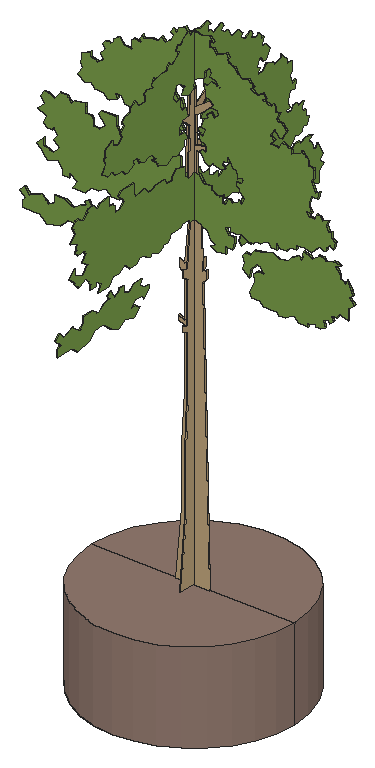
Revit family "L-PL특수목_소나무_3", category 수목, Revit 2019
Family settings
  OmniClass 번호 = 23.40.05.00
  OmniClass 제목 = Plants and Planting Products
  작업 기준면 기반 = 아니오
  항상 수직 = 예
  로드될 때 보이드를 사용하여 절단 = 아니오
  렌더 모양 소스 = 패밀리 형상
  공유 = 아니오
Parameters
  콘 높이 = 뿌리분 직경 / 4  # 272.5 mm
  뿌리분 직경 = (24 mm + ((R / 10) - 3 mm) * 5) * 10  # 1090 mm
  뿌리분 높이 = 뿌리분 직경 / 2  # 545 mm
  높이 = 4500 mm
  R = 200 mm
  H = 높이  # 4500 mm
Reference planes
  plane 1 "중심(앞/뒤)": y = 0
  plane 2: z = 0
  plane 3 "중심(왼쪽/오른쪽)": x = 0
  plane 4: x = 482.5
  plane 5: x = -607.5
  plane 6: z = -545
  plane 7: z = -817.5
  plane 8: z = 4500
  plane 9: x = -100
  plane 10: x = 100
Forms (mm)
  Revolve 1, solid, material "흙"
    sketch origin (0, 0, 0) x (1, 0, 0) y (0, 0, 1)
      loop
        line (0, 0) -> (-607.5, 0) -> (-607.5, -545) -> (0, -545) -> (0, 0)
      axis (0, 0) -> (0, -545)
    angle from 0 to 360
  Revolve 2, solid, material "흙"
    sketch origin (0, 0, 0) x (1, 0, 0) y (0, 0, 1)
      loop
        line (0, -545) -> (-607.5, -545) -> (0, -817.5) -> (0, -545)
      axis (0, -545) -> (0, -817.5)
    angle from 0 to 360
Dimensions and locks
  "뿌리분 직경": plane 4 to plane 5
  "뿌리분 높이": plane 6 to level
  "콘 높이": plane 7 to plane 6
  "H": level to plane 8
  "R": plane 9 to plane 10
  aligned and locked: level to plane 2
Automatic sketch dimensions
  Revolve 1 sketch curve to level = 0 mm  (x2)
  Revolve 1 sketch curve to plane 5 = 0 mm
  Revolve 1 sketch curve to plane 3 "중심(왼쪽/오른쪽)" = 0 mm  (x2)
  Revolve 1 sketch curve to plane 6 = 0 mm  (x2)
  Revolve 2 sketch curve to plane 5 = 0 mm
  Revolve 2 sketch curve to plane 3 "중심(왼쪽/오른쪽)" = 0 mm  (x2)
  Revolve 2 sketch curve to plane 7 = 0 mm  (x2)
  Revolve 2 sketch curve to plane 6 = 0 mm  (x2)
Nested families
  nested 1: "소나무3_base" at (0, 0, 0), type "소나무3_base"
Definition of nested family "소나무3_base"
  Parameters (values of type "소나무3_base")
    Height = 6000 mm
  Reference planes
    plane 1 "중심(앞/뒤)": y = 0
    plane 2: z = 0
    plane 3 "중심(왼쪽/오른쪽)": x = 0
  Forms (mm)
    Extrusion 1, solid
      sketch origin (1283.129, 0, -464.362) x (1, 0, 0) y (0, 0, 1)
        loop
          line (-1848.52, 2795.869) -> (-1828.432, 2775.765) -> (-1801.98, 2749.293) -> (-1839.141, 2719.508) -> (-1878.115, 2719.508) -> (-1878.115, 2758.452) -> (-1890.616, 2771.678) -> (-1922.972, 2771.678) -> (-1922.972, 2810.621) -> (-1922.972, 2827.521) -> (-1989.89, 2815.03) -> (-2009.009, 2796.661) -> (-2039.393, 2828.285) -> (-2077.397, 2828.285) -> (-2092.104, 2806.947) -> (-2109.912, 2781.112) -> (-2148.727, 2804.008) -> (-2171.523, 2804.008) -> (-2192.113, 2770.943) -> (-2170.788, 2737.878) -> (-2211.968, 2698.2) -> (-2156.816, 2677.626) -> (-2174.105, 2631.279) -> (-2155.345, 2613.7) -> (-2125.196, 2613.7) -> (-2114.165, 2626.926) -> (-2095.046, 2588.717) -> (-2119.313, 2557.856) -> (-2083.058, 2529.349) -> (-2114.12, 2489.847) -> (-2175.935, 2512.3) -> (-2175.935, 2551.978) -> (-2216.38, 2510.096) -> (-2194.003, 2488.487) -> (-2175.663, 2467.056) -> (-2151.901, 2439.29) -> (-2093.146, 2462.345) -> (-2062.498, 2416.407) -> (-2062.498, 2389.316) -> (-2022.418, 2389.316) -> (-2022.418, 2414.051) -> (-1975.266, 2383.426) -> (-2000.501, 2344.573) -> (-1922.22, 2344.573) -> (-1891.571, 2381.071) -> (-1846.776, 2381.071) -> (-1803.16, 2406.984) -> (-1768.975, 2374.003) -> (-1723.001, 2374.003) -> (-1692.352, 2398.739) -> (-1664.061, 2398.739) -> (-1642.842, 2379.893) -> (-1610.587, 2367.317) -> (-1604.096, 2383.964) -> (-1551.882, 2363.607) -> (-1516.921, 2376.897) -> (-1516.921, 2386.477) -> (-1495.533, 2386.477) -> (-1481.52, 2386.477) -> (-1468.982, 2409.323) -> (-1461.369, 2423.194) -> (-1429.156, 2423.194) -> (-1418.83, 2423.194) -> (-1381.954, 2423.194) -> (-1365.729, 2437.327) -> (-1318.527, 2437.327) -> (-1318.527, 2421.851) -> (-1266.163, 2421.851) -> (-1193.616, 2395.2) -> (-1174.327, 2352.946) -> (-1142.426, 2339.602) -> (-1175.069, 2320.329) -> (-1139.459, 2300.314) -> (-1082.334, 2310.692) -> (-1082.334, 2349.981) -> (-1040.047, 2349.981) -> (-1028.919, 2387.045) -> (-1028.919, 2416.697) -> (-1065.271, 2416.697) -> (-1082.334, 2453.021) -> (-1052.392, 2467.086) -> (-1052.392, 2437.454) -> (-1021.5, 2437.454) -> (-992.567, 2448.573) -> (-971.794, 2436.712) -> (-946.47, 2422.253) -> (-918.379, 2422.253) -> (-906.509, 2437.454) -> (-876.092, 2437.454) -> (-850.126, 2459.693) -> (-826.386, 2459.693) -> (-807.839, 2439.678) -> (-775.938, 2439.678) -> (-775.938, 2470.812) -> (-752.198, 2455.245) -> (-718.813, 2455.245) -> (-695.073, 2477.484) -> (-657.928, 2482.732) -> (-657.928, 2504.553) -> (-608.573, 2510.663) -> (-568.39, 2498.007) -> (-535.195, 2530.302) -> (-517.288, 2544.705) -> (-496.323, 2534.23) -> (-478.415, 2541.213) -> (-478.415, 2552.997) -> (-460.071, 2574.382) -> (-434.302, 2561.289) -> (-422.509, 2603.186) -> (-446.094, 2620.207) -> (-446.094, 2648.138) -> (-465.749, 2648.138) -> (-476.393, 2675.464) -> (-463.194, 2703.229) -> (-500.012, 2692.123) -> (-515.295, 2713.642) -> (-538.22, 2713.642) -> (-547.251, 2687.958) -> (-579.206, 2687.958) -> (-597.963, 2709.477) -> (-566.007, 2709.477) -> (-581.29, 2743.49) -> (-581.29, 2757.372) -> (-565.312, 2799.715) -> (-531.273, 2799.715) -> (-518.074, 2841.363) -> (-543.777, 2826.787) -> (-568.676, 2881.438) -> (-553.131, 2898.08) -> (-553.131, 2945.787) -> (-553.131, 2955.772) -> (-587.552, 2955.772) -> (-587.552, 2982.399) -> (-626.413, 3024.559) -> (-626.413, 3006.807) -> (-688.592, 2989.056) -> (-688.592, 3007.917) -> (-740.778, 3028.997) -> (-764.095, 2994.603) -> (-816.281, 2994.603) -> (-789.633, 3022.34) -> (-816.281, 3040.091) -> (-790.743, 3082.251) -> (-759.653, 3048.967) -> (-744.109, 3048.967) -> (-716.351, 3100.002) -> (-747.225, 3133.275) -> (-768.634, 3133.275) -> (-777.612, 3145.696) -> (-759.656, 3178.82) -> (-786.59, 3178.82) -> (-786.59, 3201.592) -> (-799.021, 3214.703) -> (-809.38, 3198.142) -> (-859.794, 3218.154) -> (-839.766, 3229.195) -> (-857.722, 3251.277) -> (-895.015, 3227.814) -> (-934.38, 3252.657) -> (-915.733, 3265.078) -> (-933.689, 3280.95) -> (-946.12, 3296.821) -> (-991.01, 3283.02) -> (-1007.584, 3299.581) -> (-1028.993, 3332.705) -> (-1050.402, 3332.705) -> (-1084.242, 3357.547) -> (-1064.214, 3367.898) -> (-1077.336, 3392.741) -> (-1111.176, 3373.419) -> (-1138.109, 3363.068) -> (-1156.065, 3389.98) -> (-1181.618, 3389.98) -> (-1181.618, 3422.413) -> (-1156.756, 3422.413) -> (-1180.927, 3449.326) -> (-1226.507, 3432.074) -> (-1272.087, 3444.496) -> (-1310.716, 3425.378) -> (-1322.231, 3448.646) -> (-1364.824, 3427.567) -> (-1379.133, 3402.967) -> (-1397.7, 3413.768) -> (-1413.043, 3387.392) -> (-1394.495, 3376.603) -> (-1410.875, 3348.442) -> (-1442.123, 3324.403) -> (-1466.694, 3344.937) -> (-1482.864, 3325.588) -> (-1482.864, 3313.69) -> (-1522.536, 3313.69) -> (-1577.485, 3298.513) -> (-1581.918, 3314.563) -> (-1598.481, 3284.675) -> (-1586.866, 3266.819) -> (-1632.433, 3275.301) -> (-1651.643, 3261.909) -> (-1645.835, 3238.251) -> (-1645.835, 3217.27) -> (-1697.068, 3217.27) -> (-1723.081, 3253.053) -> (-1758.303, 3227.448) -> (-1758.303, 3208.239) -> (-1807.398, 3200.172) -> (-1823.095, 3178.213) -> (-1804.258, 3159.391) -> (-1834.956, 3128.669) -> (-1819.507, 3097.996) -> (-1850.902, 3074.692) -> (-1893.957, 3090.377) -> (-1893.957, 3114.577) -> (-1949.57, 3086.344) -> (-1949.57, 3058.559) -> (-1956.298, 3038.393) -> (-1942.822, 3008.641) -> (-1971.077, 2966.964) -> (-1931.636, 2938.952) -> (-1892.055, 2954.053) -> (-1885.711, 2937.424) -> (-1869.026, 2920.255) -> (-1840.959, 2920.255) -> (-1817.211, 2920.255) -> (-1795.621, 2894.368) -> (-1778.349, 2894.368) -> (-1733.011, 2918.098) -> (-1745.377, 2941.725) -> (-1707.103, 2941.725) -> (-1689.112, 2905.154) -> (-1650.25, 2895.087) -> (-1628.66, 2910.188) -> (-1598.435, 2910.188) -> (-1572.527, 2878.548) -> (-1593.41, 2878.548) -> (-1565.44, 2855.533) -> (-1548.296, 2828.035) -> (-1489.648, 2810.905) -> (-1444.083, 2836.6) -> (-1411.149, 2821.273) -> (-1357.464, 2846.066) -> (-1357.464, 2880.326) -> (-1329.944, 2887.088) -> (-1352.501, 2923.151) -> (-1396.713, 2923.151) -> (-1396.713, 2963.271) -> (-1367.389, 2993.925) -> (-1327.633, 3003.124) -> (-1346.13, 3053.612) -> (-1367.008, 3045.963) -> (-1387.635, 3075.25) -> (-1387.635, 3112.214) -> (-1414.703, 3112.214) -> (-1444.906, 3146.638) -> (-1417.386, 3200.733) -> (-1382.648, 3200.733) -> (-1355.129, 3168.276) -> (-1372.723, 3134.467) -> (-1328.476, 3111.441) -> (-1269.406, 3131.213) -> (-1282.718, 3170.983) -> (-1247.213, 3201.36) -> (-1208.682, 3215.097) -> (-1208.682, 3244.966) -> (-1182.866, 3275.287) -> (-1170.184, 3248.586) -> (-1181.507, 3225.506) -> (-1143.009, 3218.717) -> (-1118.099, 3192.469) -> (-1170.637, 3203.783) -> (-1190.565, 3177.534) -> (-1217.74, 3177.534) -> (-1207.323, 3140.877) -> (-1207.323, 3112.818) -> (-1180.148, 3105.125) -> (-1162.485, 3079.329) -> (-1168.373, 3065.299) -> (-1132.14, 3065.299) -> (-1123.987, 3040.71) -> (-1152.068, 3018.987) -> (-1169.336, 3041.308) -> (-1197.014, 3019.897) -> (-1183.922, 3002.974) -> (-1209.588, 2990.928) -> (-1217.741, 2976.446) -> (-1226.772, 2944.091) -> (-1201.367, 2937) -> (-1219.525, 2898.835) -> (-1247.319, 2898.835) -> (-1235.03, 2865.493) -> (-1205.446, 2851.394) -> (-1205.446, 2815.466) -> (-1224.562, 2825.017) -> (-1242.768, 2805.461) -> (-1223.369, 2787.402) -> (-1212.728, 2758.164) -> (-1181.778, 2744.975) -> (-1159.932, 2768.169) -> (-1122.155, 2755.89) -> (-1091.205, 2764.076) -> (-1104.859, 2782.722) -> (-1093.936, 2800.459) -> (-1071.179, 2809.554) -> (-1071.179, 2832.294) -> (-1054.339, 2817.74) -> (-1041.595, 2789.544) -> (-1020.203, 2780.903) -> (-1010.645, 2754.07) -> (-1010.645, 2739.972) -> (-986.523, 2755.89) -> (-976.933, 2741.357) -> (-987.888, 2719.962) -> (-1017.927, 2719.962) -> (-1017.927, 2698.794) -> (-1001.481, 2686.515) -> (-1001.481, 2670.597) -> (-980.544, 2657.863) -> (-970.986, 2640.581) -> (-985.551, 2613.294) -> (-1008.764, 2625.684) -> (-1008.764, 2609.201) -> (-1040.623, 2599.196) -> (-1056.098, 2612.385) -> (-1082.041, 2612.385) -> (-1070.662, 2595.103) -> (-1082.496, 2575.092) -> (-1105.253, 2575.092) -> (-1105.253, 2606.927) -> (-1127.555, 2606.927) -> (-1138.934, 2600.56) -> (-1170.338, 2623.299) -> (-1170.338, 2643.31) -> (-1207.66, 2643.31) -> (-1222.68, 2649.677) -> (-1237.699, 2683.786) -> (-1278.662, 2683.786) -> (-1325.681, 2665.078) -> (-1352.154, 2687.856) -> (-1352.154, 2735.617) -> (-1415.394, 2753.987) -> (-1447.015, 2720.921) -> (-1447.015, 2706.226) -> (-1491.872, 2706.226) -> (-1502.902, 2734.147) -> (-1562.466, 2734.147) -> (-1594.822, 2720.921) -> (-1627.177, 2720.921) -> (-1655.121, 2753.252) -> (-1717.626, 2737.821) -> (-1739.687, 2770.886) -> (-1739.687, 2817.913) -> (-1826.459, 2817.913) -> (-1848.52, 2795.869)
        loop
          line (-2202.293, 2131.817) -> (-2156.789, 2097.118) -> (-2074.165, 2115.066) -> (-2029.859, 2155.748) -> (-1966.394, 2155.748) -> (-1907.736, 2110.7) -> (-1850.63, 2088.175) -> (-1803.291, 2115.204) -> (-1736.417, 2096.434) -> (-1689.83, 2133.975) -> (-1721.389, 2154.247) -> (-1757.456, 2154.247) -> (-1725.146, 2185.781) -> (-1670.293, 2185.781) -> (-1657.519, 2164.758) -> (-1626.712, 2200.797) -> (-1626.712, 2224.072) -> (-1652.26, 2224.072) -> (-1688.327, 2252.603) -> (-1677.056, 2276.629) -> (-1732.633, 2276.629) -> (-1767.197, 2245.389) -> (-1810.027, 2262.657) -> (-1810.027, 2299.447) -> (-1842.337, 2299.447) -> (-1842.337, 2284.431) -> (-1876.902, 2263.408) -> (-1890.496, 2285.76) -> (-1905.439, 2310.327) -> (-1930.403, 2295.144) -> (-1919.75, 2277.63) -> (-1954.42, 2265.827) -> (-1996.331, 2235.914) -> (-2045.426, 2265.827) -> (-2111.286, 2265.827) -> (-2111.286, 2225.146) -> (-2144.815, 2206.001) -> (-2191.516, 2241.897) -> (-2258.573, 2216.77) -> (-2289.707, 2250.272) -> (-2319.494, 2222.592) -> (-2286.887, 2187.504) -> (-2305.245, 2170.443) -> (-2305.245, 2131.817) -> (-2238.216, 2131.817) -> (-2202.293, 2131.817)
        loop
          line (-853.354, 2105.103) -> (-836.5, 2105.103) -> (-812.625, 2105.103) -> (-776.812, 2105.103) -> (-763.469, 2090.368) -> (-725.549, 2090.368) -> (-705.887, 2103.7) -> (-677.096, 2117.733) -> (-659.54, 2102.296) -> (-647.603, 2091.07) -> (-590.723, 2091.07) -> (-590.723, 2105.103) -> (-543.674, 2124.75) -> (-543.674, 2107.91) -> (-516.287, 2107.91) -> (-486.794, 2124.048) -> (-495.923, 2157.027) -> (-473.451, 2167.552) -> (-461.514, 2152.115) -> (-436.234, 2173.867) -> (-450.278, 2199.127) -> (-415.167, 2199.127) -> (-399.016, 2225.089) -> (-346.924, 2209.237) -> (-346.924, 2273.872) -> (-309.362, 2303.549) -> (-338.189, 2333.226) -> (-318.971, 2352.865) -> (-325.959, 2373.814) -> (-353.913, 2426.622) -> (-361.338, 2403.055) -> (-396.279, 2416.584) -> (-396.279, 2435.35) -> (-411.153, 2461.783) -> (-431.681, 2470.512) -> (-415.957, 2478.367) -> (-391.935, 2487.532) -> (-417.704, 2497.134) -> (-436.049, 2497.134) -> (-480.599, 2479.24) -> (-493.702, 2497.134) -> (-525.587, 2497.134) -> (-525.587, 2487.969) -> (-559.218, 2466.148) -> (-580.183, 2477.931) -> (-612.941, 2487.096) -> (-622.55, 2467.457) -> (-616.705, 2453.834) -> (-627.238, 2439.801) -> (-648.305, 2450.326) -> (-687.629, 2429.977) -> (-705.887, 2403.314) -> (-763.469, 2393.49) -> (-803.496, 2413.137) -> (-849.14, 2399.805) -> (-907.776, 2390.02) -> (-933.94, 2359.689) -> (-964.815, 2359.689) -> (-981.135, 2334.127) -> (-968.785, 2304.157) -> (-980.694, 2265.814) -> (-939.233, 2234.522) -> (-931.734, 2277.273) -> (-897.594, 2314.201) -> (-875.825, 2314.201) -> (-854.056, 2284.731) -> (-887.763, 2284.731) -> (-917.256, 2258.769) -> (-908.127, 2220.177) -> (-922.171, 2197.022) -> (-941.834, 2156.325) -> (-926.385, 2128.258) -> (-880.038, 2128.258) -> (-853.354, 2105.103)
      from 0 to 5
    Extrusion 2, solid
      sketch origin (1283.129, 0, -464.362) x (1, 0, 0) y (0, 0, 1)
        loop
          line (-1175.898, 3098.917) -> (-1269.406, 3034.888) -> (-1269.406, 3131.213) -> (-1311.462, 3117.136) -> (-1313.048, 2991.29) -> (-1334.619, 3001.507) -> (-1367.389, 2993.925) -> (-1368.726, 2992.527) -> (-1317.947, 2943.949) -> (-1325.681, 2665.078) -> (-1278.662, 2683.786) -> (-1258.181, 2683.786) -> (-1258.181, 2803.734) -> (-1242.768, 2805.461) -> (-1224.562, 2825.017) -> (-1205.446, 2815.466) -> (-1205.446, 2844.812) -> (-1262.745, 2835.611) -> (-1262.745, 2901.954) -> (-1262.745, 2995.257) -> (-1217.762, 3024.739) -> (-1162.485, 3079.329) -> (-1175.898, 3098.917)
        loop
          line (-1309.414, 2421.851) -> (-1329.405, 2175.451) -> (-1361.737, 2188.668) -> (-1361.737, 2145.403) -> (-1330.385, 2118.48) -> (-1330.385, 1870.611) -> (-1364.824, 1885.579) -> (-1364.824, 1855.065) -> (-1332.599, 1843.039) -> (-1332.599, 1489.471) -> (-1349.013, 1195.065) -> (-1349.013, 852.618) -> (-1383.129, 464.362) -> (-1183.129, 464.362) -> (-1222.578, 2104.555) -> (-1198.384, 2130.967) -> (-1198.384, 2184.584) -> (-1224.136, 2169.318) -> (-1229.889, 2408.525) -> (-1266.163, 2421.851) -> (-1309.414, 2421.851)
      from 0 to 5
    Extrusion 3, solid
      sketch origin (0, 1283.129, -464.362) x (0, 1, 0) y (0, 0, 1)
        loop
          line (-1848.52, 2795.869) -> (-1828.432, 2775.765) -> (-1801.98, 2749.293) -> (-1839.141, 2719.508) -> (-1878.115, 2719.508) -> (-1878.115, 2758.452) -> (-1890.616, 2771.678) -> (-1922.972, 2771.678) -> (-1922.972, 2810.621) -> (-1922.972, 2827.521) -> (-1989.89, 2815.03) -> (-2009.009, 2796.661) -> (-2039.393, 2828.285) -> (-2077.397, 2828.285) -> (-2092.104, 2806.947) -> (-2109.912, 2781.112) -> (-2148.727, 2804.008) -> (-2171.523, 2804.008) -> (-2192.113, 2770.943) -> (-2170.788, 2737.878) -> (-2211.968, 2698.2) -> (-2156.816, 2677.626) -> (-2174.105, 2631.279) -> (-2155.345, 2613.7) -> (-2125.196, 2613.7) -> (-2114.165, 2626.926) -> (-2095.046, 2588.717) -> (-2119.313, 2557.856) -> (-2083.058, 2529.349) -> (-2114.12, 2489.847) -> (-2175.935, 2512.3) -> (-2175.935, 2551.978) -> (-2216.38, 2510.096) -> (-2194.003, 2488.487) -> (-2175.663, 2467.056) -> (-2151.901, 2439.29) -> (-2093.146, 2462.345) -> (-2062.498, 2416.407) -> (-2062.498, 2389.316) -> (-2022.418, 2389.316) -> (-2022.418, 2414.051) -> (-1975.266, 2383.426) -> (-2000.501, 2344.573) -> (-1922.22, 2344.573) -> (-1891.571, 2381.071) -> (-1846.776, 2381.071) -> (-1803.16, 2406.984) -> (-1768.975, 2374.003) -> (-1723.001, 2374.003) -> (-1692.352, 2398.739) -> (-1664.061, 2398.739) -> (-1642.842, 2379.893) -> (-1610.587, 2367.317) -> (-1604.096, 2383.964) -> (-1551.882, 2363.607) -> (-1516.921, 2376.897) -> (-1516.921, 2386.477) -> (-1495.533, 2386.477) -> (-1481.52, 2386.477) -> (-1468.982, 2409.323) -> (-1461.369, 2423.194) -> (-1429.156, 2423.194) -> (-1418.83, 2423.194) -> (-1381.954, 2423.194) -> (-1365.729, 2437.327) -> (-1318.527, 2437.327) -> (-1318.527, 2421.851) -> (-1266.163, 2421.851) -> (-1193.616, 2395.2) -> (-1174.327, 2352.946) -> (-1142.426, 2339.602) -> (-1175.069, 2320.329) -> (-1139.459, 2300.314) -> (-1082.334, 2310.692) -> (-1082.334, 2349.981) -> (-1040.047, 2349.981) -> (-1028.919, 2387.045) -> (-1028.919, 2416.697) -> (-1065.271, 2416.697) -> (-1082.334, 2453.021) -> (-1052.392, 2467.086) -> (-1052.392, 2437.454) -> (-1021.5, 2437.454) -> (-992.567, 2448.573) -> (-971.794, 2436.712) -> (-946.47, 2422.253) -> (-918.379, 2422.253) -> (-906.509, 2437.454) -> (-876.092, 2437.454) -> (-850.126, 2459.693) -> (-826.386, 2459.693) -> (-807.839, 2439.678) -> (-775.938, 2439.678) -> (-775.938, 2470.812) -> (-752.198, 2455.245) -> (-718.813, 2455.245) -> (-695.073, 2477.484) -> (-657.928, 2482.732) -> (-657.928, 2504.553) -> (-608.573, 2510.663) -> (-568.39, 2498.007) -> (-535.195, 2530.302) -> (-517.288, 2544.705) -> (-496.323, 2534.23) -> (-478.415, 2541.213) -> (-478.415, 2552.997) -> (-460.071, 2574.382) -> (-434.302, 2561.289) -> (-422.509, 2603.186) -> (-446.094, 2620.207) -> (-446.094, 2648.138) -> (-465.749, 2648.138) -> (-476.393, 2675.464) -> (-463.194, 2703.229) -> (-500.012, 2692.123) -> (-515.295, 2713.642) -> (-538.22, 2713.642) -> (-547.251, 2687.958) -> (-579.206, 2687.958) -> (-597.963, 2709.477) -> (-566.007, 2709.477) -> (-581.29, 2743.49) -> (-581.29, 2757.372) -> (-565.312, 2799.715) -> (-531.273, 2799.715) -> (-518.074, 2841.363) -> (-543.777, 2826.787) -> (-568.676, 2881.438) -> (-553.131, 2898.08) -> (-553.131, 2945.787) -> (-553.131, 2955.772) -> (-587.552, 2955.772) -> (-587.552, 2982.399) -> (-626.413, 3024.559) -> (-626.413, 3006.807) -> (-688.592, 2989.056) -> (-688.592, 3007.917) -> (-740.778, 3028.997) -> (-764.095, 2994.603) -> (-816.281, 2994.603) -> (-789.633, 3022.34) -> (-816.281, 3040.091) -> (-790.743, 3082.251) -> (-759.653, 3048.967) -> (-744.109, 3048.967) -> (-716.351, 3100.002) -> (-747.225, 3133.275) -> (-768.634, 3133.275) -> (-777.612, 3145.696) -> (-759.656, 3178.82) -> (-786.59, 3178.82) -> (-786.59, 3201.592) -> (-799.021, 3214.703) -> (-809.38, 3198.142) -> (-859.794, 3218.154) -> (-839.766, 3229.195) -> (-857.722, 3251.277) -> (-895.015, 3227.814) -> (-934.38, 3252.657) -> (-915.733, 3265.078) -> (-933.689, 3280.95) -> (-946.12, 3296.821) -> (-991.01, 3283.02) -> (-1007.584, 3299.581) -> (-1028.993, 3332.705) -> (-1050.402, 3332.705) -> (-1084.242, 3357.547) -> (-1064.214, 3367.898) -> (-1077.336, 3392.741) -> (-1111.176, 3373.419) -> (-1138.109, 3363.068) -> (-1156.065, 3389.98) -> (-1181.618, 3389.98) -> (-1181.618, 3422.413) -> (-1156.756, 3422.413) -> (-1180.927, 3449.326) -> (-1226.507, 3432.074) -> (-1272.087, 3444.496) -> (-1310.716, 3425.378) -> (-1322.231, 3448.646) -> (-1364.824, 3427.567) -> (-1379.133, 3402.967) -> (-1397.7, 3413.768) -> (-1413.043, 3387.392) -> (-1394.495, 3376.603) -> (-1410.875, 3348.442) -> (-1442.123, 3324.403) -> (-1466.694, 3344.937) -> (-1482.864, 3325.588) -> (-1482.864, 3313.69) -> (-1522.536, 3313.69) -> (-1577.485, 3298.513) -> (-1581.918, 3314.563) -> (-1598.481, 3284.675) -> (-1586.866, 3266.819) -> (-1632.433, 3275.301) -> (-1651.643, 3261.909) -> (-1645.835, 3238.251) -> (-1645.835, 3217.27) -> (-1697.068, 3217.27) -> (-1723.081, 3253.053) -> (-1758.303, 3227.448) -> (-1758.303, 3208.239) -> (-1807.398, 3200.172) -> (-1823.095, 3178.213) -> (-1804.258, 3159.391) -> (-1834.956, 3128.669) -> (-1819.507, 3097.996) -> (-1850.902, 3074.692) -> (-1893.957, 3090.377) -> (-1893.957, 3114.577) -> (-1949.57, 3086.344) -> (-1949.57, 3058.559) -> (-1956.298, 3038.393) -> (-1942.822, 3008.641) -> (-1971.077, 2966.964) -> (-1931.636, 2938.952) -> (-1892.055, 2954.053) -> (-1885.711, 2937.424) -> (-1869.026, 2920.255) -> (-1840.959, 2920.255) -> (-1817.211, 2920.255) -> (-1795.621, 2894.368) -> (-1778.349, 2894.368) -> (-1733.011, 2918.098) -> (-1745.377, 2941.725) -> (-1707.103, 2941.725) -> (-1689.112, 2905.154) -> (-1650.25, 2895.087) -> (-1628.66, 2910.188) -> (-1598.435, 2910.188) -> (-1572.527, 2878.548) -> (-1593.41, 2878.548) -> (-1565.44, 2855.533) -> (-1548.296, 2828.035) -> (-1489.648, 2810.905) -> (-1444.083, 2836.6) -> (-1411.149, 2821.273) -> (-1357.464, 2846.066) -> (-1357.464, 2880.326) -> (-1329.944, 2887.088) -> (-1352.501, 2923.151) -> (-1396.713, 2923.151) -> (-1396.713, 2963.271) -> (-1367.389, 2993.925) -> (-1327.633, 3003.124) -> (-1346.13, 3053.612) -> (-1367.008, 3045.963) -> (-1387.635, 3075.25) -> (-1387.635, 3112.214) -> (-1414.703, 3112.214) -> (-1444.906, 3146.638) -> (-1417.386, 3200.733) -> (-1382.648, 3200.733) -> (-1355.129, 3168.276) -> (-1372.723, 3134.467) -> (-1328.476, 3111.441) -> (-1269.406, 3131.213) -> (-1282.718, 3170.983) -> (-1247.213, 3201.36) -> (-1208.682, 3215.097) -> (-1208.682, 3244.966) -> (-1182.866, 3275.287) -> (-1170.184, 3248.586) -> (-1181.507, 3225.506) -> (-1143.009, 3218.717) -> (-1118.099, 3192.469) -> (-1170.637, 3203.783) -> (-1190.565, 3177.534) -> (-1217.74, 3177.534) -> (-1207.323, 3140.877) -> (-1207.323, 3112.818) -> (-1180.148, 3105.125) -> (-1162.485, 3079.329) -> (-1168.373, 3065.299) -> (-1132.14, 3065.299) -> (-1123.987, 3040.71) -> (-1152.068, 3018.987) -> (-1169.336, 3041.308) -> (-1197.014, 3019.897) -> (-1183.922, 3002.974) -> (-1209.588, 2990.928) -> (-1217.741, 2976.446) -> (-1226.772, 2944.091) -> (-1201.367, 2937) -> (-1219.525, 2898.835) -> (-1247.319, 2898.835) -> (-1235.03, 2865.493) -> (-1205.446, 2851.394) -> (-1205.446, 2815.466) -> (-1224.562, 2825.017) -> (-1242.768, 2805.461) -> (-1223.369, 2787.402) -> (-1212.728, 2758.164) -> (-1181.778, 2744.975) -> (-1159.932, 2768.169) -> (-1122.155, 2755.89) -> (-1091.205, 2764.076) -> (-1104.859, 2782.722) -> (-1093.936, 2800.459) -> (-1071.179, 2809.554) -> (-1071.179, 2832.294) -> (-1054.339, 2817.74) -> (-1041.595, 2789.544) -> (-1020.203, 2780.903) -> (-1010.645, 2754.07) -> (-1010.645, 2739.972) -> (-986.523, 2755.89) -> (-976.933, 2741.357) -> (-987.888, 2719.962) -> (-1017.927, 2719.962) -> (-1017.927, 2698.794) -> (-1001.481, 2686.515) -> (-1001.481, 2670.597) -> (-980.544, 2657.863) -> (-970.986, 2640.581) -> (-985.551, 2613.294) -> (-1008.764, 2625.684) -> (-1008.764, 2609.201) -> (-1040.623, 2599.196) -> (-1056.098, 2612.385) -> (-1082.041, 2612.385) -> (-1070.662, 2595.103) -> (-1082.496, 2575.092) -> (-1105.253, 2575.092) -> (-1105.253, 2606.927) -> (-1127.555, 2606.927) -> (-1138.934, 2600.56) -> (-1170.338, 2623.299) -> (-1170.338, 2643.31) -> (-1207.66, 2643.31) -> (-1222.68, 2649.677) -> (-1237.699, 2683.786) -> (-1278.662, 2683.786) -> (-1325.681, 2665.078) -> (-1352.154, 2687.856) -> (-1352.154, 2735.617) -> (-1415.394, 2753.987) -> (-1447.015, 2720.921) -> (-1447.015, 2706.226) -> (-1491.872, 2706.226) -> (-1502.902, 2734.147) -> (-1562.466, 2734.147) -> (-1594.822, 2720.921) -> (-1627.177, 2720.921) -> (-1655.121, 2753.252) -> (-1717.626, 2737.821) -> (-1739.687, 2770.886) -> (-1739.687, 2817.913) -> (-1826.459, 2817.913) -> (-1848.52, 2795.869)
        loop
          line (-2202.293, 2131.817) -> (-2156.789, 2097.118) -> (-2074.165, 2115.066) -> (-2029.859, 2155.748) -> (-1966.394, 2155.748) -> (-1907.736, 2110.7) -> (-1850.63, 2088.175) -> (-1803.291, 2115.204) -> (-1736.417, 2096.434) -> (-1689.83, 2133.975) -> (-1721.389, 2154.247) -> (-1757.456, 2154.247) -> (-1725.146, 2185.781) -> (-1670.293, 2185.781) -> (-1657.519, 2164.758) -> (-1626.712, 2200.797) -> (-1626.712, 2224.072) -> (-1652.26, 2224.072) -> (-1688.327, 2252.603) -> (-1677.056, 2276.629) -> (-1732.633, 2276.629) -> (-1767.197, 2245.389) -> (-1810.027, 2262.657) -> (-1810.027, 2299.447) -> (-1842.337, 2299.447) -> (-1842.337, 2284.431) -> (-1876.902, 2263.408) -> (-1890.496, 2285.76) -> (-1905.439, 2310.327) -> (-1930.403, 2295.144) -> (-1919.75, 2277.63) -> (-1954.42, 2265.827) -> (-1996.331, 2235.914) -> (-2045.426, 2265.827) -> (-2111.286, 2265.827) -> (-2111.286, 2225.146) -> (-2144.815, 2206.001) -> (-2191.516, 2241.897) -> (-2258.573, 2216.77) -> (-2289.707, 2250.272) -> (-2319.494, 2222.592) -> (-2286.887, 2187.504) -> (-2305.245, 2170.443) -> (-2305.245, 2131.817) -> (-2238.216, 2131.817) -> (-2202.293, 2131.817)
        loop
          line (-853.354, 2105.103) -> (-836.5, 2105.103) -> (-812.625, 2105.103) -> (-776.812, 2105.103) -> (-763.469, 2090.368) -> (-725.549, 2090.368) -> (-705.887, 2103.7) -> (-677.096, 2117.733) -> (-659.54, 2102.296) -> (-647.603, 2091.07) -> (-590.723, 2091.07) -> (-590.723, 2105.103) -> (-543.674, 2124.75) -> (-543.674, 2107.91) -> (-516.287, 2107.91) -> (-486.794, 2124.048) -> (-495.923, 2157.027) -> (-473.451, 2167.552) -> (-461.514, 2152.115) -> (-436.234, 2173.867) -> (-450.278, 2199.127) -> (-415.167, 2199.127) -> (-399.016, 2225.089) -> (-346.924, 2209.237) -> (-346.924, 2273.872) -> (-309.362, 2303.549) -> (-338.189, 2333.226) -> (-318.971, 2352.865) -> (-325.959, 2373.814) -> (-353.913, 2426.622) -> (-361.338, 2403.055) -> (-396.279, 2416.584) -> (-396.279, 2435.35) -> (-411.153, 2461.783) -> (-431.681, 2470.512) -> (-415.957, 2478.367) -> (-391.935, 2487.532) -> (-417.704, 2497.134) -> (-436.049, 2497.134) -> (-480.599, 2479.24) -> (-493.702, 2497.134) -> (-525.587, 2497.134) -> (-525.587, 2487.969) -> (-559.218, 2466.148) -> (-580.183, 2477.931) -> (-612.941, 2487.096) -> (-622.55, 2467.457) -> (-616.705, 2453.834) -> (-627.238, 2439.801) -> (-648.305, 2450.326) -> (-687.629, 2429.977) -> (-705.887, 2403.314) -> (-763.469, 2393.49) -> (-803.496, 2413.137) -> (-849.14, 2399.805) -> (-907.776, 2390.02) -> (-933.94, 2359.689) -> (-964.815, 2359.689) -> (-981.135, 2334.127) -> (-968.785, 2304.157) -> (-980.694, 2265.814) -> (-939.233, 2234.522) -> (-931.734, 2277.273) -> (-897.594, 2314.201) -> (-875.825, 2314.201) -> (-854.056, 2284.731) -> (-887.763, 2284.731) -> (-917.256, 2258.769) -> (-908.127, 2220.177) -> (-922.171, 2197.022) -> (-941.834, 2156.325) -> (-926.385, 2128.258) -> (-880.038, 2128.258) -> (-853.354, 2105.103)
      from 0 to 5
    Extrusion 4, solid
      sketch origin (0, 1283.129, -464.362) x (0, 1, 0) y (0, 0, 1)
        loop
          line (-1175.898, 3098.917) -> (-1269.406, 3034.888) -> (-1269.406, 3131.213) -> (-1311.462, 3117.136) -> (-1313.048, 2991.29) -> (-1334.619, 3001.507) -> (-1367.389, 2993.925) -> (-1368.726, 2992.527) -> (-1317.947, 2943.949) -> (-1325.681, 2665.078) -> (-1278.662, 2683.786) -> (-1258.181, 2683.786) -> (-1258.181, 2803.734) -> (-1242.768, 2805.461) -> (-1224.562, 2825.017) -> (-1205.446, 2815.466) -> (-1205.446, 2844.812) -> (-1262.745, 2835.611) -> (-1262.745, 2901.954) -> (-1262.745, 2995.257) -> (-1217.762, 3024.739) -> (-1162.485, 3079.329) -> (-1175.898, 3098.917)
        loop
          line (-1309.414, 2421.851) -> (-1329.405, 2175.451) -> (-1361.737, 2188.668) -> (-1361.737, 2145.403) -> (-1330.385, 2118.48) -> (-1330.385, 1870.611) -> (-1364.824, 1885.579) -> (-1364.824, 1855.065) -> (-1332.599, 1843.039) -> (-1332.599, 1489.471) -> (-1349.013, 1195.065) -> (-1349.013, 852.618) -> (-1383.129, 464.362) -> (-1183.129, 464.362) -> (-1222.578, 2104.555) -> (-1198.384, 2130.967) -> (-1198.384, 2184.584) -> (-1224.136, 2169.318) -> (-1229.889, 2408.525) -> (-1266.163, 2421.851) -> (-1309.414, 2421.851)
      from 0 to 5
  Lines and regions (mm)
    symbolic lines
      curve 1: arc (646.101, -1366.729, 0) -> (387.083, -1322.686, 0) -> (192.84, -1499.604, 0) r 299.792
      curve 2: arc (279.296, 1481.351, 0) -> (462.959, 1293.473, 0) -> (724.094, 1322.429, 0) r 299.792
      curve 3: arc (-724.094, -1326.989, 0) -> (-840.709, -1091.552, 0) -> (-1098.012, -1038.396, 0) r 299.792
      curve 4: arc (-1098.012, -1038.396, 0) -> (-1136.166, -778.446, 0) -> (-1364.449, -648.381, 0) r 299.792
      curve 5: arc (192.84, -1499.604, 0) -> (-39.89, -1377.676, 0) -> (-279.296, -1485.911, 0) r 299.792
      curve 6: arc (-279.296, -1485.911, 0) -> (-462.959, -1298.033, 0) -> (-724.094, -1326.989, 0) r 299.792
      curve 7: arc (-1497.324, -195.121, 0) -> (-1375.396, 37.61, 0) -> (-1483.631, 277.016, 0) r 299.792
      curve 8: arc (-1483.631, 277.016, 0) -> (-1295.753, 460.679, 0) -> (-1324.709, 721.814, 0) r 299.792
      curve 9: arc (-1324.709, 721.814, 0) -> (-1089.272, 838.429, 0) -> (-1036.116, 1095.732, 0) r 299.792
      curve 10: arc (-1036.116, 1095.732, 0) -> (-776.166, 1133.886, 0) -> (-646.101, 1362.169, 0) r 299.792
      curve 11: arc (-646.101, 1362.169, 0) -> (-387.083, 1318.126, 0) -> (-192.84, 1495.044, 0) r 299.792
      curve 12: arc (-192.84, 1495.044, 0) -> (39.89, 1373.116, 0) -> (279.296, 1481.351, 0) r 299.792
      curve 13: arc (-1364.449, -648.381, 0) -> (-1320.406, -389.363, 0) -> (-1497.324, -195.121, 0) r 299.792
      curve 14: line (1036.116, -1100.292, 0) -> (0, -2.28, 0)
      curve 15: line (0, -2.28, 0) -> (646.101, -1366.729, 0)
      curve 16: line (1483.631, -281.576, 0) -> (0, -2.28, 0)
      curve 17: line (0, -2.28, 0) -> (1497.324, 190.56, 0)
      curve 18: line (1364.449, 643.821, 0) -> (0, -2.28, 0)
      curve 19: line (0, -2.28, 0) -> (1324.709, -726.374, 0)
      curve 20: line (724.094, 1322.429, 0) -> (0, -2.28, 0)
      curve 21: line (0, -2.28, 0) -> (1098.012, 1033.836, 0)
      curve 22: line (-724.094, -1326.989, 0) -> (0, -2.28, 0)
      curve 23: line (0, -2.28, 0) -> (-1098.012, -1038.396, 0)
      curve 24: line (192.84, -1499.604, 0) -> (0, -2.28, 0)
      curve 25: line (0, -2.28, 0) -> (-279.296, -1485.911, 0)
      curve 26: line (-1364.449, -648.381, 0) -> (0, -2.28, 0)
      curve 27: line (0, -2.28, 0) -> (-1497.324, -195.121, 0)
      curve 28: line (-1036.116, 1095.732, 0) -> (0, -2.28, 0)
      curve 29: line (0, -2.28, 0) -> (-1483.631, 277.016, 0)
      curve 30: line (-192.84, 1495.044, 0) -> (0, -2.28, 0)
      curve 31: line (0, -2.28, 0) -> (-1324.709, 721.814, 0)
      curve 32: line (279.296, 1481.351, 0) -> (0, -2.28, 0)
      curve 33: line (0, -2.28, 0) -> (-646.101, 1362.169, 0)
      curve 34: arc (1324.709, -726.374, 0) -> (1089.272, -842.989, 0) -> (1036.116, -1100.292, 0) r 299.792
      curve 35: arc (1036.116, -1100.292, 0) -> (776.166, -1138.446, 0) -> (646.101, -1366.729, 0) r 299.792
      curve 36: arc (724.094, 1322.429, 0) -> (840.709, 1086.992, 0) -> (1098.012, 1033.836, 0) r 299.792
      curve 37: arc (1098.012, 1033.836, 0) -> (1136.166, 773.886, 0) -> (1364.449, 643.821, 0) r 299.792
      curve 38: arc (1364.449, 643.821, 0) -> (1320.406, 384.803, 0) -> (1497.324, 190.56, 0) r 299.792
      curve 39: arc (1497.324, 190.56, 0) -> (1375.396, -42.17, 0) -> (1483.631, -281.576, 0) r 299.792
      curve 40: arc (1483.631, -281.576, 0) -> (1295.753, -465.239, 0) -> (1324.709, -726.374, 0) r 299.792
  Dimensions and locks
    aligned and locked: level to plane 2
